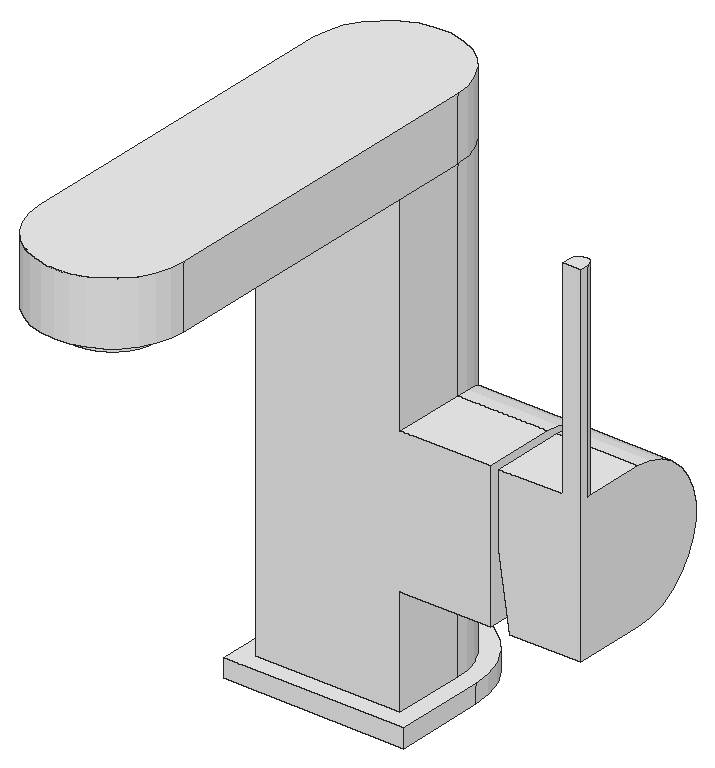
Revit family "Faucet-Single_Handle-GROHE-Plus-23956003", category Plumbing Fixtures, Revit 2018
Family settings
  Round Connector Dimension = Use Diameter
  Part Type = Normal
  OmniClass Number = 23.45.55.14
  OmniClass Title = Single Faucets
  Work Plane-Based = Yes
  Always vertical = No
  Cut with Voids When Loaded = No
  Shared = Yes
  Room Calculation Point = No
Parameters (values of type "23956003")
  Width = 2"  # constant formula
  Waste Connection = no
  Warranty Documentation Link = "https://www.grohe.ca/register-warranty"
  WFU = 2
  Vent Connection = no
  URL = "https://www.grohe.ca/"
  Tempered Water Connection Radius = Tempered Water Connection Diameter / 2  # 1/2"
  Tempered Water Connection Diameter = 1"  # constant formula
  Product Page URL = "https://www.grohe.ca/Single-Hole-Faucets/Single-Hole-Single-Handle-M-Size-Bathroom-Faucet-45-L-min-12-gpm/GROHE-CHROME-23956003"
  Product Documentation Link = "https://americanstandard.box.com/shared/static/zetv8nmawv3r5l3mmevycwbvmcgpabph.pdf"
  Price = "Prices may vary. Please consult Manufacturer Representative for most up-to-date price list."  # constant formula
  Model = "23956003"
  Manufacturer = "Grohe"
  Installation Type = "Deck-Mounted"
  Height = 7 1/2"  # constant formula
  HWFU = 1.5
  HW Connection = no
  Flow Rate = "1.2 gpm (4.56 L/min)"
  Description = "Elegant or minimalist, the GROHE Plus Centerset Bathroom Faucet combines the clean, linear angles of a cube with the gentle curves of a circle making it a distinctive choice no matter the design aesthetic. Engineered to bring comfort and convenience to your bathroom, the Plus Centerset faucet features GROHE SilkMove® for smooth, precise handle motion and the durable GROHE StarLight® coating for easy care and lasting beauty."  # constant formula
  Default Elevation = 0"
  Creation Date = "01/18/2021"  # constant formula
  Connection Type = "1\" Tempered Connection"
  CWFU = 1.5
  CW Connection = no
  Body Material = Metal-Grohe-StarLight-Chrome
  Assembly Code = "D2020300"
Reference planes (in)
  plane 1 "Center (Front/Back)": y = 0
  plane 2: z = 0
  plane 3 "Center (Left/Right)": x = 0
  plane 4: z = 7.5
  plane 5: z = 6.625
  plane 6: x = -1
  plane 7: x = 1
  plane 8: y = 0.5
  plane 9: y = -0.5
  plane 10: y = -4.75
  plane 11: y = -1
  plane 12: x = -1.25
  plane 13: x = 1.25
  plane 14: y = 0.75
  plane 15: z = 0.25
  plane 16: y = -1.25
  plane 17: z = 6.375
  plane 18: y = 1
  plane 19: z = 2.75
  plane 20: z = 3.75
  plane 21: z = 1.75
  plane 22: x = 2.25
  plane 23: x = 3.5
  plane 24: y = -0.875
Forms (in)
  Extrusion 1, solid, material "Metal-Grohe-StarLight-Chrome" <- "Body Material"
    sketch origin (0, 0, 0) x (1, 0, 0) y (0, 1, 0)
      loop
        line (-1, 0) -> (-1, -4.75)
        arc (-1, -4.75) -> (0, -5.75) -> (1, -4.75) r 1
        line (1, -4.75) -> (1, 0)
        arc (1, 0) -> (0, 1) -> (-1, 0) r 1
    from 6.625 to 7.5
  Extrusion 2, solid, material "Metal-Grohe-StarLight-Chrome" <- "Body Material"
    sketch origin (0, 0, 0) x (1, 0, 0) y (0, 1, 0)
      loop
        arc (1, 0) -> (0, 1) -> (-1, 0) r 1
        line (-1, 0) -> (-1, -1) -> (1, -1) -> (1, 0)
    from 0 to 6.625
  Extrusion 3, solid, material "Metal-Grohe-StarLight-Chrome" <- "Body Material"
    sketch origin (0, 0, 0) x (1, 0, 0) y (0, 1, 0)
      loop
        line (-1.25, 0) -> (-1.25, -1.25) -> (1.25, -1.25) -> (1.25, 0)
        arc (1.25, 0) -> (0, 1.25) -> (-1.25, 0) r 1.25
    from 0 to 0.25
  Extrusion 4, solid, material "Metal-Grohe-StarLight-Chrome" <- "Body Material"
    sketch origin (0, 0, 0) x (1, 0, 0) y (0, 1, 0)
      loop
        circle (0, -4.75) r 0.625
    from 6.375 to 6.625
  Extrusion 5, solid, material "Metal-Grohe-StarLight-Chrome" <- "Body Material"
    sketch origin (0, 0, 0) x (0, 1, 0) y (0, 0, 1)
      loop
        arc (0, 1.75) -> (1, 2.75) -> (0, 3.75) r 1
        line (0, 3.75) -> (-1, 3.75) -> (-1, 1.75) -> (0, 1.75)
    from 0 to 3.5
  Extrusion 6, void
    sketch origin (0, 0, 0) x (1, 0, 0) y (0, 0, 1)
      loop
        line (2.25, 4.35071) -> (2.25, 0.35071) -> (2.51795, 0.35071) -> (2.51795, 1.75) -> (2.36692, 2.75) -> (2.36692, 4.35071) -> (2.25, 4.35071)
    from -1 to 1.25
  Sweep 7, solid, material "Metal-Grohe-StarLight-Chrome" <- "Body Material"
    path origin (0, 0, 0) x (0, 1, 0) y (0, 0, 1)
      loop
        line (1.84753, 2.27313) -> (1.5003, 2.27313)
        arc (1.5003, 2.27313) -> (1.32295, 2.21825) -> (1.20761, 2.07278) r 0.31397
        line (1.20761, 2.07278) -> (0.5, 0.25)
    profile origin (0, 1.67391, 2.27313) x (0, 0, -1) y (1, 0, 0)
      loop
        circle (0, 0) r 0.0625
  Extrusion 8, solid, material "Metal-Grohe-StarLight-Chrome" <- "Body Material"
    sketch origin (0, 0, 0) x (1, 0, 0) y (0, 1, 0)
      loop
        line (3.5, -1) -> (3.5, -0.875)
        arc (3.5, -0.875) -> (3.375, -0.75) -> (3.25, -0.875) r 0.125
        line (3.25, -0.875) -> (3.25, -1) -> (3.5, -1)
    from 3.75 to 6.625
Cuts and joins
  Extrusion 6 cuts Extrusion 5
  joined: Extrusion 2, Extrusion 3, Extrusion 5, Extrusion 8
Lines and regions (in)
  Masking region 1
    outline origin (0, 0, 0) x (1, 0, 0) y (0, 1, 0)
      loop
        line (-1, -1.25) -> (-1, -4.75)
        arc (-1, -4.75) -> (0, -5.75) -> (1, -4.75) r 1
        line (1, -4.75) -> (1, -1) -> (2.25, -1) -> (2.25, 1) -> (0.75, 1)
        arc (0.75, 1) -> (-0.55902, 1.11803) -> (-1.25, 0) r 1.25
        line (-1.25, 0) -> (-1.25, -1.25) -> (-1, -1.25)
      loop
        line (3.5, -1) -> (3.5, 1) -> (2.36692, 1) -> (2.36692, -1) -> (3.5, -1)
  symbolic lines, detail levels fine
    curve 1: arc (3.5, -0.875, 0) -> (3.375, -0.75, 0) -> (3.25, -0.875, 0) r 0.125
    curve 2: line (3.25, -0.875, 0) -> (3.25, -1, 0)
    curve 3: arc (1, 0, 0) -> (0, 1, 0) -> (-1, 0, 0) r 1
    curve 4: line (-1, 0, 0) -> (-1, -1.25, 0)
    curve 5: line (1, -1, 0) -> (1, 0, 0)
    curve 6: line (-0.0625, 1.84753, 0) -> (0.0625, 1.84753, 0)
    curve 7: line (-0.0625, 1.84753, 0) -> (-0.0625, 1.24844, 0)
    curve 8: line (0.0625, 1.84753, 0) -> (0.0625, 1.24844, 0)
    curve 9: line (1, -1.25, 0) -> (1.25, -1.25, 0)
    curve 10: line (1.25, -1.25, 0) -> (1.25, -1, 0)
Dimensions and locks (in)
  "Height": plane 4 to plane 2
  plane 2 to plane 5 to plane 4 = 6 5/8", 7/8"
  equal spacing: plane 6, plane 3 "Center (Left/Right)", plane 7
  equal spacing: plane 9, plane 1 "Center (Front/Back)", plane 8
  locked: plane 5 to plane 17 at 0.25
  locked: plane 12 to plane 6 at 0.25
  locked: plane 7 to plane 13 at 0.25
  locked: plane 18 to plane 14 at 0.25
  locked: plane 16 to plane 11 at 0.25
  locked: plane 19 to level at 2.75
  equal spacing: plane 21, plane 19, plane 20, locked at 1 each
  equal spacing: plane 7, plane 22, plane 23
  "Width": plane 6 to plane 7
  locked: plane 10 to plane 1 "Center (Front/Back)" at 4.75
  aligned and locked: Extrusion 1 sketch curve to plane 6
  aligned and locked: plane 7 to Extrusion 1 sketch curve
  aligned and locked: plane 4 to Extrusion 1
  aligned and locked: Extrusion 1 to plane 5
  aligned and locked: plane 1 "Center (Front/Back)" to Extrusion 1 sketch curve
  aligned and locked: plane 10 to Extrusion 1 sketch curve
  aligned and locked: Extrusion 2 sketch curve to Extrusion 1
  aligned and locked: plane 5 to Extrusion 2
  aligned and locked: Extrusion 2 to level
  aligned and locked: plane 11 to Extrusion 2 sketch curve
  aligned and locked: Extrusion 3 sketch curve to plane 12
  aligned and locked: plane 13 to Extrusion 3 sketch curve
  aligned and locked: plane 1 "Center (Front/Back)" to Extrusion 3 sketch curve
  aligned and locked: plane 15 to Extrusion 3
  aligned and locked: Extrusion 3 sketch curve to plane 16
  aligned and locked: plane 10 to Extrusion 4 sketch curve
  aligned and locked: plane 3 "Center (Left/Right)" to Extrusion 4 sketch curve
  aligned and locked: Extrusion 4 to plane 17
  aligned and locked: plane 5 to Extrusion 4
  aligned and locked: plane 20 to Extrusion 5 sketch curve
  aligned and locked: Extrusion 5 sketch curve to plane 21
  aligned and locked: plane 11 to Extrusion 5 sketch curve
  aligned and locked: plane 1 "Center (Front/Back)" to Extrusion 5 sketch curve
  aligned and locked: plane 23 to Extrusion 5
  aligned and locked: Sweep 7 sketch curve to Extrusion 3
  aligned and locked: Extrusion 8 sketch curve to plane 11
  aligned and locked: plane 23 to Extrusion 8 sketch curve
  aligned and locked: plane 24 to Extrusion 8 sketch curve
  aligned and locked: Extrusion 8 to plane 20
  aligned and locked: plane 5 to Extrusion 8
  aligned and locked: plane 18 to Extrusion 6
  aligned and locked: Extrusion 3 to Extrusion 6
  aligned and locked: Extrusion 5 to plane 3 "Center (Left/Right)"
  aligned and locked: Extrusion 1 to Masking region 1 sketch curve
  aligned and locked: Masking region 1 sketch curve to Extrusion 1
  aligned and locked: cut or joined group of Extrusion 2, Extrusion 3, Extrusion 5, Extrusion 6, Extrusion 8 to Masking region 1 sketch curve
  aligned and locked: Masking region 1 sketch curve to cut or joined group of Extrusion 2, Extrusion 3, Extrusion 5, Extrusion 6, Extrusion 8  (x5)
  aligned and locked: Masking region 1 sketch curve to plane 18
  aligned and locked: curve 1 to Extrusion 8
  aligned and locked: curve 3 to Extrusion 1
  aligned and locked: Extrusion 1 to curve 5
  aligned and locked: curve 6 to Sweep 7
  aligned and locked: cut or joined group of Extrusion 2, Extrusion 3, Extrusion 5, Extrusion 6, Extrusion 8 to curve 9
  aligned and locked: curve 10 to cut or joined group of Extrusion 2, Extrusion 3, Extrusion 5, Extrusion 6, Extrusion 8
  aligned and locked: cut or joined group of Extrusion 2, Extrusion 3, Extrusion 5, Extrusion 6, Extrusion 8 to curve 10
  aligned and locked: Extrusion 1 to curve 9
Automatic sketch dimensions
  Extrusion 6 sketch curve to plane 22 = 0"
  Extrusion 6 sketch curve to plane 19 = 0"
  Extrusion 6 sketch curve to plane 21 = 0"
  plane 22 to Extrusion 6 sketch curve = 0.11692"
  plane 22 to Extrusion 6 sketch curve = 0.26795"
  plane 15 to Extrusion 6 sketch curve = 0.10071"
  plane 20 to Extrusion 6 sketch curve = 0.60071"
  Sweep 7 sketch curve to plane 8 = 0"
  plane 18 to Sweep 7 sketch curve = 0.20761"
  Sweep 7 sketch curve to Sweep 7 sketch curve = 0.29269"
  Sweep 7 sketch curve to plane 21 = 0.20916"
  Sweep 7 sketch curve to Sweep 7 sketch curve = 0.11362"
  Sweep 7 sketch curve to Sweep 7 sketch curve = 0.34723"
  Sweep 7 sketch curve to plane 3 "Center (Left/Right)" = 0"
  Sweep 7 sketch curve to profile plane = 0"
  Extrusion 8 sketch curve to plane 23 = 1/8"
  plane 11 to Masking region 1 sketch curve = 0"
  Masking region 1 sketch curve to plane 18 = 0"
  plane 11 to curve 2 = 0"
  plane 11 to curve 5 = 0"
  curve 7 to plane 3 "Center (Left/Right)" = 1/16"
  plane 3 "Center (Left/Right)" to curve 8 = 1/16"
  plane 18 to curve 8 = 0.24844"
  curve 7 to curve 8 = 0"
  curve 4 to plane 16 = 0"
  radius of Extrusion 4 sketch curve = 5/8"
  radius of Sweep 7 sketch curve = 1/16"
Connectors (in)
  piping at (0, -0.625, 0), diameter 1, driven by "Tempered Water Connection Diameter", driven by "Connection Type"
    settings: on cut or joined group of Extrusion 2, Extrusion 3, Extrusion 5, Extrusion 6, Extrusion 8, index 1, connector inside diameter 24", connector length 0", flow factor 0, pipe flow 1.2 GPM, pressure drop 0.00 psi, fitting loss kfactor 0, connector angle 0.00°, fixture units 0, engagement length 0", angle of deflection 0.00°, flow configuration 0, flow direction 1, fitting loss method 0, system type 29, joint type 0, gender type 0, connector reference index -1, connector utility 0, adjustable connector no, is connector primary yes, connector description "1\" Tempered Connection"
